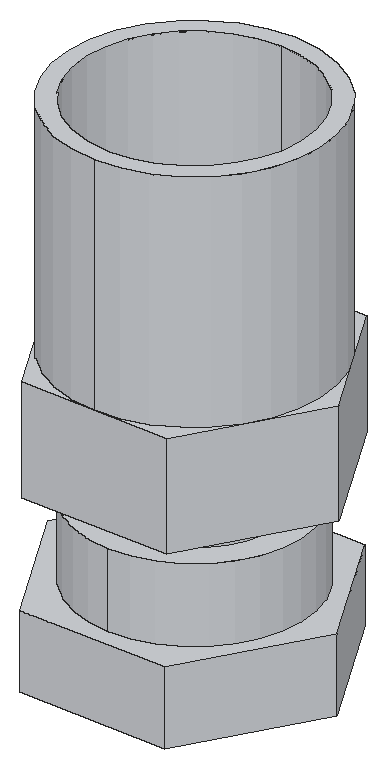
Revit family "PAF25W", category Generic Models, Revit 2017
Family settings
  Can host rebar = No
  Round Connector Dimension = Use Diameter
  Part Type = Normal
  Work Plane-Based = Yes
  Always vertical = No
  Cut with Voids When Loaded = No
  Shared = No
  Room Calculation Point = No
Parameters (values of type "NBS Standard Parameters")
  Weight = "0.0166Kg"
  WarrantyStartDate [instance] = "1900-12-31T23:59:59"
  WarrantyGuarantorParts = "n/a"
  WarrantyGuarantorLabor = "n/a"
  WarrantyDurationUnit = "1 year"
  WarrantyDurationParts = "n/a"
  WarrantyDurationLabor = "n/a"
  WarrantyDescription = "n/a"
  Version = "1"
  Uniclass2 = "Pr_65_70_11_20"
  TagNumber [instance] = "n/a"
  SustainabilityPerformance = "n/a"
  Size = "25mm"
  Shape = "n/a"
  SerialNumber [instance] = "n/a"
  Revision = "n/a"
  ReplacementCost = "n/a"
  ProductInformation = "www.metpro.co.uk/pdf/paf25w.pdf"
  NominalWidth = 28 mm
  NominalLength = 28 mm
  NominalHeight = 45 mm
  Name = ""
  NBSTypeID = ""
  NBSReference = "90-55-10/460"
  NBSOfficeMasterTag = ""
  NBSNote = ""
  NBSDescription = "Conduit Fittings"
  NBSCertification = ""
  ModelReference = "PAF25W"
  ModelNumber = "n/a"
  Material = "PVC"
  ManufacturerURL = "www.metpro.co.uk"
  ManufacturerName = "Metpro Ltd"
  Keynote = "Manufactured to BS4607 Part 1"
  InstallationDate [instance] = "1900-12-31T23:59:59"
  IfcExportType = ""
  IfcExportAs = ""
  Grade = "n/a"
  Finish = "White"
  Features = "n/a"
  ExpectedLife = "n/a"
  DurationUnit = "year"
  Description = "PAF25W - 25mm Female Adaptor"
  Default Elevation = 1219.2 mm
  Constituents = "n/a"
  Color = "n/a"
  CodePerformance = "n/a"
  Category = "n/a"
  BarCode [instance] = "n/a"
  BIMObjectName = "Metpro_metprolibrary_conduitfittings_PVC component_accessory"
  Author = "Metpro Ltd"
  AssetType = ""
  AssetIdentifier [instance] = "n/a"
  AccessibilityPerformance = "n/a"
Reference planes
  plane 1 "Center (Front/Back)": y = 0
  plane 2: z = 0
  plane 3 "Center (Left/Right)": x = 0
Forms (mm)
  Extrusion 1, solid
    sketch origin (-108.344, -52.013, 71.49) x (1, 0, 0) y (0, 1, 0)
      loop
        circle (14, 8.013) r 14.5
      loop
        circle (14, 8.013) r 12.5
    from 0 to 26
  Extrusion 2, solid
    sketch origin (-108.344, -52.013, 71.49) x (1, 0, 0) y (0, 1, 0)
      loop
        circle (14, 8.013) r 12.5
      loop
        line (5.628, -6.487) -> (22.372, -6.487) -> (30.743, 8.013) -> (22.372, 22.513) -> (5.628, 22.513) -> (-2.743, 8.013) -> (5.628, -6.487)
    from 0 to -12
  Extrusion 3, solid
    sketch origin (-108.344, -52.013, 59.49) x (0, 1, 0) y (1, 0, 0)
      loop
        circle (8.013, 14) r 12.5
      loop
        circle (8.013, 14) r 9.65
    from 44.247 to 27.28
  Extrusion 4, solid
    sketch origin (-108.603, -52.013, 32.21) x (0, 1, 0) y (-1, 0, 0)
      loop
        circle (8.013, -14) r 9.65
      loop
        line (-6.487, -22.372) -> (8.013, -30.743) -> (22.513, -22.372) -> (22.513, -5.628) -> (8.013, 2.743) -> (-6.487, -5.628) -> (-6.487, -22.372)
    from -47.789 to -39.365
Dimensions and locks
  aligned and locked: level to plane 2
